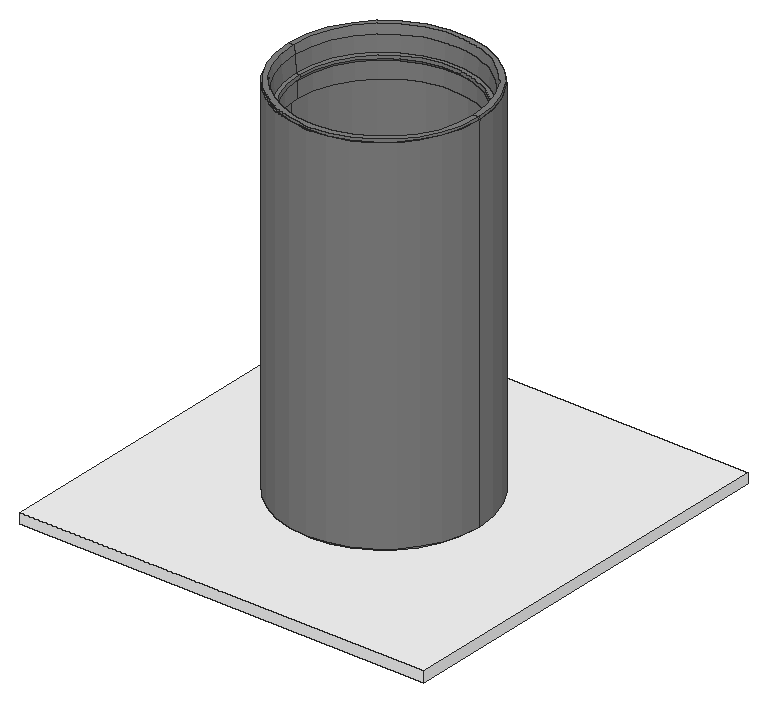
Revit family "BE_99615_de_DE", category Leuchten, Revit 2020
Family settings
  Basisbauteil = Fläche
  Bemaßung runder Anschluss = Durchmesser verwenden
  Teiletyp = Normal
  Beim Laden mit Abzugskörper schneiden = Ja
  Lichtquelle = Nein
  Gemeinsam genutzt = Nein
  Raumberechnungspunkt = Ja
Parameters (values of type "BEGA_99615_Grafit")
  Default Elevation = 0 mm
  URL = "https://www.bega.com/de/produkt/99615"
  Typenkommentare = "© 2022 BEGA. Wir behalten uns das Recht vor, technische Änderungen ohne vorherige Ankündigung vorzunehmen."  # constant formula
  Typenbild = 99615.png
  Sonderanfertigung = no
  Seriennummer [instance] = "Hier können Sie die eindeutige Seriennummer für das Facility Management eintragen."
  Scheinlast = 0 VA
  Produktdatenblatt = "https://cdn.bega.com/bega/products/99615A/current/documents/data-sheets/de"
  Modell = "99615"
  Material_02 = BEGA_Oberfläche_Silber_matt
  Material_01 [instance] = BEGA_Oberfläche_Grafit_matt
  M_G = yes
  M_A = no
  Logo = 0
  Leuchtenanzahl = ""
  Lastklassifizierung = Beleuchtung
  Hersteller = "BEGA"  # constant formula
  Halbstreuwinkel = ""
  Gewicht = "3.45 kg"
  Erdstück [instance] = no
  Einbauöffnung = "ø 190 mm"
  CE_Konformität = "ja"
  Bestellnummer_Erdstück [instance] = if(Erdstück, "70895", "---")  # "---"
  Bestellnummer = "99615"
  Beschreibung_Sonderanfertigung = "Hier können Sie Informationen zur Sonderanfertigung eintragen."
  Beschreibung = "Pollerleuchtenrohr"
  BEGA_Intern_aus = yes
  BEGA_Intern_an = yes
  BEGA_Intern_Konstruktion = yes
  BEGA_Intern = yes
  BEGA_IES = yes
  BEGA_Dummy = no
  Aktualisierung = "2022-05-20T04:00:08"
Types (2, lengths in mm): name | Modell | M_G | M_A | Bestellnummer
  BEGA_99615_Grafit | "99615" | yes | no | "99615"
  BEGA_99615_Silber | "99615A" | no | yes | "99615A"
Reference planes
  plane 1 "Mitte (Vorne/Hinten)": y = 0
  plane 2: z = 0
  plane 3 "Mitte (Links/Rechts)": x = 0
  plane 4 "Links": x = -94.998
  plane 5 "Rechts": x = 95
  plane 6 "Unten": y = -95
  plane 7 "Oben": y = 95
  plane 8 "Vorne": z = 365.733
Forms (mm)
  Extrusion 1, solid, material "BEGA_Platte_Weiss"
    sketch origin (0, -1119.2, 0) x (1, 0, 0) y (0, 1, 0)
      loop
        line (-200, 1319.2) -> (-200, 919.2) -> (200, 919.2) -> (200, 1319.2) -> (-200, 1319.2)
    from 0 to -10
  Extrusion 2, solid, material "BEGA_Dummy_matt", visible <- "BEGA_Dummy"
    sketch origin (77.149, -76.023, 0) x (1, 0, 0) y (0, 1, 0)
      loop
        circle (-77.149, 76.023) r 95
    from 0 to 365.733
Dimensions and locks
  plane 1 "Mitte (Vorne/Hinten)" to Extrusion 1 = 200 mm
  aligned and locked: plane 2 to Extrusion 1
  aligned and locked: level to Extrusion 1
Nested families
  nested 1: "BE_99615_Pollerrohr" at (0, 0, 0), type "BE_99615_Pollerrohr"
Connectors
  electrical at (0, 0, 0), driven by "Lastklassifizierung", driven by "Scheinlast"
    settings: index 1, voltage 0 V, apparent load 0 VA, apparent load phase1 0 VA, apparent load phase2 0 VA, apparent load phase3 0 VA, power factor 1, load classification "Beleuchtung", number of poles 1, system type 31, power factor state 1, is connector primary yes, connector utility no, sub classification motor no, connector description ""
Definition of nested family "BE_99615_Pollerrohr"
  Parameters (values of type "BE_99615_Pollerrohr")
    Default Elevation = 1 mm
    URL = "http://www.bega.de/de/produkt"
    Type Comments = "© 2015 BEGA. Wir behalten uns das Recht vor, technische Änderungen ohne vorherige Ankündigung vorzunehmen. "  # constant formula
    Type Image = (empty or 0)
    Material_02 = none
    Material_01 = none
    M_G = yes
    M_A = yes
    Länge_Platte = 200 mm  # constant formula
    Höhe_Platte = -10 mm  # constant formula
    Manufacturer = "BEGA"  # constant formula
    Breite_Platte = 200 mm  # constant formula
  Reference planes
    plane 1 "Mitte (Oben/Unten)": y = 0
    plane 2: z = 0
    plane 3 "Mitte (Links/Rechts)": x = 0
    plane 4 "Vorne": z = 365.733
    plane 5 "Links": x = -94.998
    plane 6 "Rechts": x = 95
    plane 7 "Oben": y = 95
    plane 8 "Unten": y = -95
  Forms (mm)
    Extrusion 1, solid, detail levels medium
      sketch origin (0, 0, 0) x (1, 0, 0) y (0, 1, 0)
        loop
          line (-100, 100) -> (-100, -100) -> (100, -100) -> (100, 100) -> (-100, 100)
      from 0 to -10 <- "Höhe_Platte"
    Revolve 2, solid, material <- "Material_01", visible <- "M_G", detail levels medium+fine
      sketch origin (0, 0, 0) x (1, 0, 0) y (0, 0, 1)
        loop
          line (-90.5, 7.034) -> (-90.5, 0) -> (-39.58, 0)
          arc (-39.58, 0) -> (-38.189, 0.563) -> (-37.581, 1.934) r 2
          line (-37.581, 1.934) -> (-37.5, 4.25) -> (-37.648, 8.5) -> (-63.029, 8.5)
          arc (-63.029, 8.5) -> (-64.75, 9.187) -> (-65.526, 10.869) r 2.5
          line (-65.526, 10.869) -> (-67, 39) -> (-83.5, 39) -> (-83.5, 35) -> (-72.5, 24) -> (-72.5, 13.455)
          arc (-72.5, 13.455) -> (-73.86, 10.028) -> (-77.2, 8.464) r 5
          line (-77.2, 8.464) -> (-89.536, 8.034)
          arc (-89.536, 8.034) -> (-90.22, 7.729) -> (-90.5, 7.034) r 1
        axis (0, 39) -> (0, 0)
      angle from 0 to 360
    Extrusion 3, void
      sketch origin (0, 0, 0) x (1, 0, 0) y (0, 1, 0)
        loop
          arc (-27.709, 36.111) -> (-26.88, 42.394) -> (-33.162, 43.228) r 4.483
          arc (-33.162, 43.228) -> (-47.18, 27.249) -> (-54.016, 7.122) r 54.483
          arc (-54.016, 7.122) -> (-50.162, 2.083) -> (-45.127, 5.942) r 4.483
          arc (-45.127, 5.942) -> (-39.419, 22.758) -> (-27.709, 36.111) r 45.517
        loop
          arc (33.172, 43.22) -> (26.884, 42.399) -> (27.709, 36.11) r 4.483
          arc (27.709, 36.11) -> (39.419, 22.758) -> (45.127, 5.942) r 45.517
          arc (45.127, 5.942) -> (50.165, 2.083) -> (54.015, 7.128) r 4.483
          arc (54.015, 7.128) -> (47.181, 27.246) -> (33.172, 43.22) r 54.483
        loop
          arc (-17.424, -42.05) -> (-23.277, -44.481) -> (-20.849, -50.336) r 4.483
          arc (-20.849, -50.336) -> (-0.005, -54.483) -> (20.84, -50.34) r 54.483
          arc (20.84, -50.34) -> (23.277, -44.483) -> (17.418, -42.052) r 4.483
          arc (17.418, -42.052) -> (-0.003, -45.517) -> (-17.424, -42.05) r 45.517
      from 0 to 15.317
    Revolve 4, solid, material <- "Material_01", visible <- "M_G", detail levels medium+fine
      sketch origin (0, 0, 0) x (1, 0, 0) y (0, 0, 1)
        loop
          line (-92, 3.433) -> (-92, 7.948) -> (-84.287, 8.217) -> (-84, 16.433) -> (-76.983, 16.433)
          arc (-76.983, 16.433) -> (-76.692, 21.842) -> (-76.784, 27.259) r 76.606
          line (-76.784, 27.259) -> (-84.653, 35.128) -> (-84.764, 38.309) -> (-88.9, 42.445) -> (-92, 42.445) -> (-92, 318.433) -> (-86, 318.433) -> (-86, 334.994)
          arc (-86, 334.994) -> (-84.338, 336.606) -> (-82.69, 338.233) r 256.8
          arc (-82.69, 338.233) -> (-82.702, 339.833) -> (-82.744, 341.433) r 82.787
          line (-82.744, 341.433) -> (-87.248, 341.433) -> (-87.8, 357.233) -> (-89.299, 365.733) -> (-94, 365.733) -> (-94, 363.433) -> (-94.998, 363.433) -> (-94.998, 3.433) -> (-92, 3.433)
        axis (0, 365.733) -> (0, 3.433)
      angle from 0 to 360
    Revolve 5, solid, material <- "Material_02", visible <- "M_A", detail levels medium+fine
      sketch origin (0, 0, 0) x (1, 0, 0) y (0, 0, 1)
        loop
          line (-90.5, 7.034) -> (-90.5, 0) -> (-39.58, 0)
          arc (-39.58, 0) -> (-38.189, 0.563) -> (-37.581, 1.934) r 2
          line (-37.581, 1.934) -> (-37.5, 4.25) -> (-37.648, 8.5) -> (-63.029, 8.5)
          arc (-63.029, 8.5) -> (-64.75, 9.187) -> (-65.526, 10.869) r 2.5
          line (-65.526, 10.869) -> (-67, 39) -> (-83.5, 39) -> (-83.5, 35) -> (-72.5, 24) -> (-72.5, 13.455)
          arc (-72.5, 13.455) -> (-73.86, 10.028) -> (-77.2, 8.464) r 5
          line (-77.2, 8.464) -> (-89.536, 8.034)
          arc (-89.536, 8.034) -> (-90.22, 7.729) -> (-90.5, 7.034) r 1
        axis (0, 39) -> (0, 0)
      angle from 0 to 360
    Revolve 6, solid, material <- "Material_02", visible <- "M_A", detail levels medium+fine
      sketch origin (0, 0, 0) x (1, 0, 0) y (0, 0, 1)
        loop
          line (-92, 3.433) -> (-92, 7.948) -> (-84.287, 8.217) -> (-84, 16.433) -> (-76.983, 16.433)
          arc (-76.983, 16.433) -> (-76.692, 21.842) -> (-76.784, 27.259) r 76.606
          line (-76.784, 27.259) -> (-84.653, 35.128) -> (-84.764, 38.309) -> (-88.9, 42.445) -> (-92, 42.445) -> (-92, 318.433) -> (-86, 318.433) -> (-86, 334.994)
          arc (-86, 334.994) -> (-84.338, 336.606) -> (-82.69, 338.233) r 256.8
          arc (-82.69, 338.233) -> (-82.702, 339.833) -> (-82.744, 341.433) r 82.787
          line (-82.744, 341.433) -> (-87.248, 341.433) -> (-87.8, 357.233) -> (-89.299, 365.733) -> (-94, 365.733) -> (-94, 363.433) -> (-94.998, 363.433) -> (-94.998, 3.433) -> (-92, 3.433)
        axis (0, 365.733) -> (0, 3.433)
      angle from 0 to 360
  Cuts and joins
    Extrusion 3 cuts Revolve 2
    Extrusion 3 cuts Revolve 5
  Dimensions and locks
    equal spacing: Extrusion 1 sketch curve, plane 3 "Mitte (Links/Rechts)", Extrusion 1 sketch curve
    equal spacing: Extrusion 1 sketch curve, plane 1 "Mitte (Oben/Unten)", Extrusion 1 sketch curve
    "Länge_Platte": Extrusion 1 sketch curve to Extrusion 1 sketch curve
    "Breite_Platte": Extrusion 1 sketch curve to Extrusion 1 sketch curve
    plane 1 "Mitte (Oben/Unten)" to Extrusion 1 = 100 mm  (x3)
    aligned and locked: Extrusion 1 to plane 2
    aligned and locked: level to Extrusion 1
    aligned and locked: Revolve 2 sketch curve to plane 3 "Mitte (Links/Rechts)"
    aligned and locked: Revolve 4 sketch curve to plane 3 "Mitte (Links/Rechts)"
  Automatic sketch dimensions
    Revolve 2 sketch curve to level = 0 mm
    plane 5 "Links" to Revolve 2 sketch curve = 4.498 mm
    plane 5 "Links" to Revolve 2 sketch curve = 11.498 mm
    Revolve 2 sketch curve to Revolve 2 sketch curve = 27.471 mm
    level to Revolve 2 sketch curve = 2 mm
    level to Revolve 2 sketch curve = 8.5 mm
    level to Revolve 2 sketch curve = 1.934 mm
    Revolve 2 sketch curve to Revolve 2 sketch curve = 1.999 mm
    level to Revolve 2 sketch curve = 4.25 mm
    Revolve 2 sketch curve to Revolve 2 sketch curve = 0.081 mm
    Revolve 2 sketch curve to Revolve 2 sketch curve = 28 mm
    Revolve 2 sketch curve to Revolve 2 sketch curve = 11 mm
    Revolve 2 sketch curve to Revolve 2 sketch curve = 16.5 mm
    level to Revolve 2 sketch curve = 10.869 mm
    Revolve 2 sketch curve to Revolve 2 sketch curve = 2.497 mm
    Revolve 2 sketch curve to Revolve 2 sketch curve = 0 mm  (x4)
    Revolve 2 sketch curve to Revolve 2 sketch curve = 23.449 mm
    Revolve 2 sketch curve to Revolve 2 sketch curve = 1.931 mm
    Revolve 2 sketch curve to Revolve 2 sketch curve = 7.034 mm
    Revolve 2 sketch curve to Revolve 2 sketch curve = 2.5 mm
    Revolve 2 sketch curve to Revolve 2 sketch curve = 13.131 mm
    Revolve 2 sketch curve to Revolve 2 sketch curve = 4 mm
    Revolve 2 sketch curve to Revolve 2 sketch curve = 5 mm
    Revolve 2 sketch curve to Revolve 2 sketch curve = 10.545 mm
    Revolve 2 sketch curve to Revolve 2 sketch curve = 0.3 mm
    Revolve 2 sketch curve to Revolve 2 sketch curve = 0.964 mm
    Revolve 2 sketch curve to Revolve 2 sketch curve = 0.036 mm
    Revolve 2 sketch curve to Revolve 2 sketch curve = 0.148 mm
    Revolve 2 sketch curve to level = 274.158 mm
    plane 4 "Vorne" to Revolve 2 sketch curve = 42.699 mm
    Extrusion 3 sketch curve to Extrusion 3 sketch curve = 0 mm  (x14)
    Extrusion 3 sketch curve to plane 3 "Mitte (Links/Rechts)" = 0 mm  (x2)
    Extrusion 3 sketch curve to plane 1 "Mitte (Oben/Unten)" = 6.527 mm
    plane 5 "Links" to Extrusion 3 sketch curve = 45.426 mm
    Extrusion 3 sketch curve to plane 1 "Mitte (Oben/Unten)" = 0 mm
    Extrusion 3 sketch curve to plane 3 "Mitte (Links/Rechts)" = 27.709 mm
    Extrusion 3 sketch curve to Extrusion 3 sketch curve = 5.453 mm
    Extrusion 3 sketch curve to Extrusion 3 sketch curve = 4.445 mm
    Extrusion 3 sketch curve to Extrusion 3 sketch curve = 4.444 mm
    Extrusion 3 sketch curve to Extrusion 3 sketch curve = 0.585 mm
    Extrusion 3 sketch curve to Extrusion 3 sketch curve = 2.724 mm
    Extrusion 3 sketch curve to Extrusion 3 sketch curve = 3.561 mm
    plane 3 "Mitte (Links/Rechts)" to Extrusion 3 sketch curve = 0 mm
    plane 3 "Mitte (Links/Rechts)" to Extrusion 3 sketch curve = 30.439 mm
    plane 1 "Mitte (Oben/Unten)" to Extrusion 3 sketch curve = 0 mm  (x2)
    Extrusion 3 sketch curve to plane 1 "Mitte (Oben/Unten)" = 39.667 mm
    Extrusion 3 sketch curve to Extrusion 3 sketch curve = 2.729 mm
    Extrusion 3 sketch curve to Extrusion 3 sketch curve = 2.734 mm
    Extrusion 3 sketch curve to plane 1 "Mitte (Oben/Unten)" = 5.942 mm
    Extrusion 3 sketch curve to Extrusion 3 sketch curve = 17.418 mm
    Extrusion 3 sketch curve to Extrusion 3 sketch curve = 8.888 mm
    Extrusion 3 sketch curve to plane 1 "Mitte (Oben/Unten)" = 7.128 mm
    Extrusion 3 sketch curve to Extrusion 3 sketch curve = 4.443 mm
    Extrusion 3 sketch curve to Extrusion 3 sketch curve = 0.601 mm
    plane 3 "Mitte (Links/Rechts)" to Extrusion 3 sketch curve = 19.133 mm
    plane 1 "Mitte (Oben/Unten)" to Extrusion 3 sketch curve = 46.194 mm
    Extrusion 3 sketch curve to plane 3 "Mitte (Links/Rechts)" = 20.849 mm
    Extrusion 3 sketch curve to Extrusion 3 sketch curve = 3.426 mm
    Extrusion 3 sketch curve to Extrusion 3 sketch curve = 1.716 mm
    Extrusion 3 sketch curve to Extrusion 3 sketch curve = 1.707 mm
    Extrusion 3 sketch curve to Extrusion 3 sketch curve = 4.142 mm
    Extrusion 3 sketch curve to Extrusion 3 sketch curve = 1.71 mm
    Extrusion 3 sketch curve to Extrusion 3 sketch curve = 4.144 mm
    plane 5 "Links" to Revolve 4 sketch curve = 2.998 mm  (x2)
    level to Revolve 4 sketch curve = 3.433 mm
    Revolve 4 sketch curve to plane 5 "Links" = 0 mm
    Revolve 4 sketch curve to Revolve 4 sketch curve = 4.515 mm
    Revolve 4 sketch curve to Revolve 4 sketch curve = 7.713 mm
    level to Revolve 4 sketch curve = 8.217 mm
    Revolve 4 sketch curve to Revolve 4 sketch curve = 0.287 mm
    Revolve 4 sketch curve to Revolve 4 sketch curve = 8.216 mm
    level to Revolve 4 sketch curve = 23.25 mm
    Revolve 4 sketch curve to Revolve 4 sketch curve = 27.181 mm
    Revolve 4 sketch curve to Revolve 4 sketch curve = 0.111 mm
    Revolve 4 sketch curve to Revolve 4 sketch curve = 7.869 mm  (x2)
    Revolve 4 sketch curve to Revolve 4 sketch curve = 7.017 mm
    Revolve 4 sketch curve to Revolve 4 sketch curve = 0.199 mm
    Revolve 4 sketch curve to Revolve 4 sketch curve = 3.181 mm
    Revolve 4 sketch curve to Revolve 4 sketch curve = 3.1 mm
    Revolve 4 sketch curve to Revolve 4 sketch curve = 4.136 mm
    Revolve 4 sketch curve to plane 4 "Vorne" = 47.3 mm
    Revolve 4 sketch curve to plane 4 "Vorne" = 27.301 mm
    Revolve 4 sketch curve to plane 5 "Links" = 70.479 mm
    Revolve 4 sketch curve to plane 5 "Links" = 168.941 mm
    plane 4 "Vorne" to Revolve 4 sketch curve = 154.421 mm
    Revolve 4 sketch curve to Revolve 4 sketch curve = 6 mm
    Revolve 4 sketch curve to Revolve 4 sketch curve = 3.256 mm
    Revolve 4 sketch curve to Revolve 4 sketch curve = 0.054 mm
    Revolve 4 sketch curve to Revolve 4 sketch curve = 16.561 mm
    Revolve 4 sketch curve to Revolve 4 sketch curve = 4.504 mm
    plane 5 "Links" to Revolve 4 sketch curve = 7.198 mm
    Revolve 4 sketch curve to plane 4 "Vorne" = 8.5 mm
    plane 5 "Links" to Revolve 4 sketch curve = 5.699 mm
    Revolve 4 sketch curve to plane 4 "Vorne" = 2.3 mm
    plane 5 "Links" to Revolve 4 sketch curve = 0.998 mm
    Revolve 4 sketch curve to plane 4 "Vorne" = 0 mm
    Revolve 4 sketch curve to level = 274.158 mm
    plane 4 "Vorne" to Revolve 4 sketch curve = 42.699 mm
    Revolve 5 sketch curve to level = 0 mm
    Revolve 5 sketch curve to plane 3 "Mitte (Links/Rechts)" = 0 mm
    level to Revolve 5 sketch curve = 4.25 mm
    Revolve 5 sketch curve to plane 3 "Mitte (Links/Rechts)" = 37.5 mm
    level to Revolve 5 sketch curve = 1.934 mm
    Revolve 5 sketch curve to Revolve 5 sketch curve = 0.081 mm
    level to Revolve 5 sketch curve = 8.5 mm
    Revolve 5 sketch curve to Revolve 5 sketch curve = 0.148 mm
    Revolve 5 sketch curve to Revolve 5 sketch curve = 1.999 mm
    level to Revolve 5 sketch curve = 11 mm
    Revolve 5 sketch curve to Revolve 5 sketch curve = 23.449 mm
    plane 5 "Links" to Revolve 5 sketch curve = 27.998 mm
    Revolve 5 sketch curve to Revolve 5 sketch curve = 5.5 mm
    Revolve 5 sketch curve to Revolve 5 sketch curve = 4.7 mm
    Revolve 5 sketch curve to Revolve 5 sketch curve = 0.3 mm
    plane 5 "Links" to Revolve 5 sketch curve = 11.498 mm
    plane 5 "Links" to Revolve 5 sketch curve = 5.498 mm
    Revolve 5 sketch curve to Revolve 5 sketch curve = 0.036 mm
    Revolve 5 sketch curve to Revolve 5 sketch curve = 1 mm
    Revolve 5 sketch curve to Revolve 5 sketch curve = 0.066 mm
    level to Revolve 5 sketch curve = 7.034 mm
    level to Revolve 5 sketch curve = 8.464 mm
    Revolve 5 sketch curve to Revolve 5 sketch curve = 10.545 mm
    Revolve 5 sketch curve to Revolve 5 sketch curve = 11 mm
    Revolve 5 sketch curve to Revolve 5 sketch curve = 15 mm
    Revolve 5 sketch curve to Revolve 5 sketch curve = 0 mm  (x5)
    Revolve 5 sketch curve to Revolve 5 sketch curve = 2.497 mm
    level to Revolve 5 sketch curve = 10.869 mm
    Revolve 5 sketch curve to level = 274.158 mm
    plane 4 "Vorne" to Revolve 5 sketch curve = 42.699 mm
    Revolve 6 sketch curve to plane 5 "Links" = 0 mm
    Revolve 6 sketch curve to plane 4 "Vorne" = 0 mm
    Revolve 6 sketch curve to plane 3 "Mitte (Links/Rechts)" = 0 mm
    level to Revolve 6 sketch curve = 23.25 mm
    Revolve 6 sketch curve to plane 5 "Links" = 58.287 mm
    Revolve 6 sketch curve to plane 4 "Vorne" = 27.301 mm
    Revolve 6 sketch curve to plane 5 "Links" = 70.479 mm
    Revolve 6 sketch curve to plane 5 "Links" = 168.941 mm
    plane 5 "Links" to Revolve 6 sketch curve = 0.998 mm
    plane 5 "Links" to Revolve 6 sketch curve = 2.998 mm  (x2)
    Revolve 6 sketch curve to Revolve 6 sketch curve = 4.701 mm
    Revolve 6 sketch curve to Revolve 6 sketch curve = 3.1 mm
    plane 5 "Links" to Revolve 6 sketch curve = 7.198 mm
    plane 5 "Links" to Revolve 6 sketch curve = 7.75 mm
    Revolve 6 sketch curve to Revolve 6 sketch curve = 1.248 mm
    Revolve 6 sketch curve to Revolve 6 sketch curve = 4.136 mm  (x2)
    Revolve 6 sketch curve to Revolve 6 sketch curve = 0.111 mm
    Revolve 6 sketch curve to Revolve 6 sketch curve = 7.713 mm
    Revolve 6 sketch curve to Revolve 6 sketch curve = 0.287 mm
    Revolve 6 sketch curve to Revolve 6 sketch curve = 4.504 mm
    Revolve 6 sketch curve to Revolve 6 sketch curve = 7.017 mm
    Revolve 6 sketch curve to Revolve 6 sketch curve = 0.199 mm
    level to Revolve 6 sketch curve = 16.433 mm
    level to Revolve 6 sketch curve = 8.217 mm
    Revolve 6 sketch curve to Revolve 6 sketch curve = 0.269 mm
    level to Revolve 6 sketch curve = 3.433 mm
    Revolve 6 sketch curve to Revolve 6 sketch curve = 7.869 mm
    Revolve 6 sketch curve to Revolve 6 sketch curve = 3.181 mm
    Revolve 6 sketch curve to plane 4 "Vorne" = 47.3 mm
    Revolve 6 sketch curve to Revolve 6 sketch curve = 16.561 mm
    Revolve 6 sketch curve to Revolve 6 sketch curve = 6.439 mm
    Revolve 6 sketch curve to plane 4 "Vorne" = 8.5 mm
    Revolve 6 sketch curve to plane 4 "Vorne" = 2.3 mm
    plane 4 "Vorne" to Revolve 6 sketch curve = 154.421 mm
    Revolve 6 sketch curve to level = 274.158 mm
    plane 4 "Vorne" to Revolve 6 sketch curve = 42.699 mm
